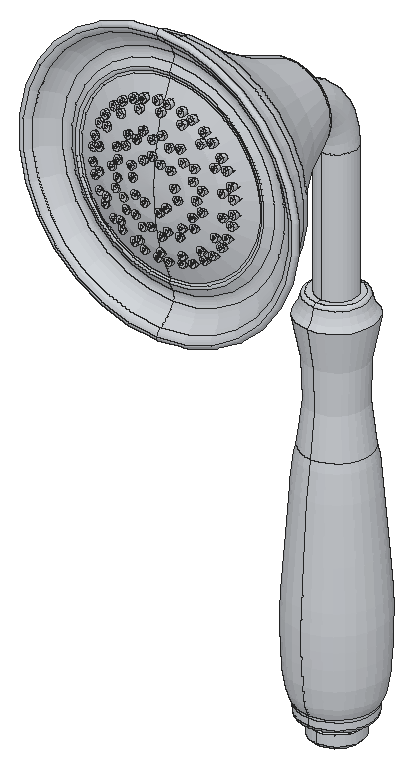
Revit family "Shower-Handshower-KOHLER-Forte-K-10298", category Plumbing Fixtures, host Face, Revit 2015
Parameters (values of type "CP-Polished Chrome")
  Width = 4 3/4"  # constant formula
  Waste Connection = no
  Vent Connection = no
  URL = "https://www.us.kohler.com/us/"
  Type = 1
  Product Page URL = "http://www.us.kohler.com/us/catalog/productDetails.jsp?productNumber=10298"
  Product Name = "Forté"  # constant formula
  Product Documentation Link = "http://www.us.kohler.com/onlinecatalog/pdf/K-10298_spec.pdf"
  Pressure = 0.00 psi
  Outlet Connector = "Outlet Connection"  # constant formula
  Model = if(Type = 1, "K-10298-CP", if(Type = 2, "K-10298-G", if(Type = 3, "K-10298-BN", if(Type = 4, "K-10298-2BZ", "0"))))  # "K-10298-CP"
  Material = "Premium metal construction"  # constant formula
  MasterFormat 2004 = "22.41.23"  # constant formula
  MasterFormat 1995 = "15410"  # constant formula
  Manufacturer Address = "444 Highland Dr, Kohler, WI 53044"  # constant formula
  Manufacturer = "KOHLER Co."  # constant formula
  Length = 4 173/256"  # constant formula
  Inlet Connector = "Inlet Connection"  # constant formula
  Height = 12"  # constant formula
  HW Connection = yes
  Flow Rate = 1.75 GPM
  Finish = Kohler-Metal-CP-Polished_Chrome
  Description = "Forté Multifunction Handshower\r"  # constant formula
  Default Elevation = 42"
  Date Modified = "10/09/2017"  # constant formula
  Date Created = "10/09/2017"  # constant formula
  Copyright = "Copyright KOHLER Company"  # constant formula
  Contact Us = "https://www.us.kohler.com/us/static/contact.jsp"
  CW Connection = no
  Assembly Code = "D2010700"
  ADA Compliant = yes
Reference planes (in)
  plane 1 "Center (Front/Back)": y = 0
  plane 2: z = 0
  plane 3 "Center (Left/Right)": x = 0
  plane 4: y = 0.75066
  plane 5: y = -3.92512
  plane 6: z = 12.35174
  plane 7: z = 0.35174
  plane 8: z = 7.60174
Dimensions and locks (in)
  "Length": plane 5 to plane 4
  "Height": plane 6 to plane 7
  "Width": plane 6 to plane 8
  aligned and locked: plane 2 to host face
  aligned and locked: level to host face
Automatic sketch dimensions
  host sketch curve to host sketch curve = 96"  (x2)
Nested families (in)
  nested 1: "K-10298" at (0, 0, 0), type "K-10298"
Connectors (in)
  piping at (0, 0, 0), diameter 0.5, driven by "Flow Rate", driven by "HW Connection", driven by "Inlet Connector"
    settings: on nested 1, index 1, connector inside diameter 24", connector length 0", flow factor 0, pipe flow 1.75 GPM, pressure drop 0.00 psi, fitting loss kfactor 0, connector angle 0.00°, fixture units 0, engagement length 0", angle of deflection 0.00°, flow configuration 0, flow direction 1, fitting loss method 0, system type 19, joint type 0, gender type 0, connector reference index -1, connector utility 1, adjustable connector no, is connector primary yes, connector description "Inlet Connection"
Definition of nested family "K-10298"
  Parameters (values of type "K-10298")
    Finish = none
  Reference planes (in)
    plane 1 "Center (Front/Back)": y = 0
    plane 2: z = 0
    plane 3 "Center (Left/Right)": x = 0
    plane 4: y = 0.74999
    plane 5: y = -4.00001
  Forms (in)
    Revolve 1, solid, material <- "Finish"
      sketch origin (0, 0, 0) x (0, 1, 0) y (0, 0, 1)
        loop
          line (0, 8.94431) -> (-0.31285, 8.94431) -> (-0.31285, 6.715) -> (-0.41469, 6.715)
          arc (-0.41469, 6.715) -> (-0.45357, 6.70033) -> (-0.47307, 6.66365) r 0.05885
          arc (-0.47307, 6.66365) -> (-0.515, 6.51352) -> (-0.598, 6.38159) r 0.5408
          arc (-0.598, 6.38159) -> (-0.44777, 5.39294) -> (-0.53395, 4.39666) r 4.22764
          spline (-0.53395, 4.39666) -> (-0.57227, 4.18885) -> (-0.60883, 3.88185) -> (-0.64435, 3.49697) -> (-0.67512, 3.08864) -> (-0.70391, 2.67817) -> (-0.72941, 2.31965) -> (-0.74659, 2.08113) -> (-0.75111, 1.84021) -> (-0.7466, 1.55111) -> (-0.73538, 1.26426) -> (-0.70285, 0.89244) -> (-0.59333, 0.55514)
          arc (-0.59333, 0.55514) -> (-0.58628, 0.53198) -> (-0.58368, 0.50792) r 0.12874
          line (-0.58368, 0.50792) -> (-0.5821, 0.38714)
          arc (-0.5821, 0.38714) -> (-0.57145, 0.36212) -> (-0.54629, 0.35179) r 0.03581
          line (-0.54629, 0.35179) -> (-0.38476, 0.35179)
          arc (-0.38476, 0.35179) -> (-0.36761, 0.34469) -> (-0.3605, 0.32754) r 0.02425
          line (-0.3605, 0.32754) -> (-0.3605, 0.27247) -> (-0.40942, 0.22355) -> (-0.40942, 0.04877) -> (-0.36065, 0) -> (0, 0) -> (0, 8.94431)
        axis (0, 8.94431) -> (0, 0)
      angle from 0 to 360
    Sweep 2, solid, material <- "Finish"
      path origin (0, 0, 0) x (0, 1, 0) y (0, 0, 1)
        loop
          arc (0, 8.94431) -> (-0.2947, 9.65579) -> (-1.00618, 9.95049) r 1.00618
      profile origin (0, 0, 8.94431) x (0, -1, 0) y (1, 0, 0)
        loop
          circle (0, 0) r 0.31285
    Revolve 3, solid, material <- "Finish"
      sketch origin (0, 0, 0) x (0, 1, 0) y (0, 0, 1)
        loop
          arc (-1.02046, 10.66924) -> (-2.08006, 11.1642) -> (-3.01202, 11.87073) r 5.53516
          arc (-3.01202, 11.87073) -> (-3.1063, 11.93705) -> (-3.21535, 11.97442) r 0.40878
          arc (-3.21535, 11.97442) -> (-3.48493, 12.08203) -> (-3.69489, 12.28245) r 0.76388
          arc (-3.69489, 12.28245) -> (-3.76023, 12.2973) -> (-3.78225, 12.23402) r 0.05025
          arc (-3.78225, 12.23402) -> (-3.75584, 12.17113) -> (-3.70284, 12.12819) r 0.13994
          arc (-3.70284, 12.12819) -> (-3.54673, 12.01058) -> (-3.45249, 11.83935) r 0.46658
          arc (-3.45249, 11.83935) -> (-3.43347, 11.75452) -> (-3.45249, 11.66968) r 0.19865
          arc (-3.45249, 11.66968) -> (-3.48228, 11.61157) -> (-3.51578, 11.55551) r 1.0065
          arc (-3.51578, 11.55551) -> (-3.51648, 11.52847) -> (-3.50481, 11.50408) r 0.05777
          arc (-3.50481, 11.50408) -> (-3.49661, 11.48441) -> (-3.50046, 11.46346) r 0.0375
          arc (-3.50046, 11.46346) -> (-3.7667, 10.73073) -> (-3.84951, 9.95555) r 3.22795
          line (-3.84951, 9.95555) -> (-0.94006, 9.95555) -> (-0.94006, 10.55658)
          arc (-0.94006, 10.55658) -> (-0.96222, 10.62578) -> (-1.02046, 10.66924) r 0.11913
        axis (-0.94006, 9.95555) -> (-3.84951, 9.95555)
      angle from 0 to 360
    Extrusion 4, solid, material <- "Finish"
      sketch origin (0, 0, 0) x (1, 0, 0) y (0, 0, 1)
        loop
          circle (-0.69062, 10.9381) r 0.06297
        loop
          circle (-0.69062, 10.9381) r 0.03119
      from 3.42192 to 3.66708
    Extrusion 5, solid, material <- "Finish"
      sketch origin (-0.14071, 0, -0.11807) x (1, 0, 0) y (0, 0, 1)
        loop
          circle (-0.69062, 10.9381) r 0.06297
        loop
          circle (-0.69062, 10.9381) r 0.03119
      from 3.42192 to 3.66708
    Extrusion 6, solid, material <- "Finish"
      sketch origin (0.01345, 0, -0.15651) x (1, 0, 0) y (0, 0, 1)
        loop
          circle (-0.69062, 10.9381) r 0.06297
        loop
          circle (-0.69062, 10.9381) r 0.03119
      from 3.42192 to 3.7172
    Extrusion 7, solid, not visible
      sketch origin (0, 0, 0) x (1, 0, 0) y (0, 0, 1)
        loop
          circle (-0.69062, 10.9381) r 0.06297
        loop
          circle (-0.69062, 10.9381) r 0.03119
      from 3.42192 to 3.66708
    Extrusion 8, solid, not visible
      sketch origin (-0.14071, 0, -0.11807) x (1, 0, 0) y (0, 0, 1)
        loop
          circle (-0.69062, 10.9381) r 0.06297
        loop
          circle (-0.69062, 10.9381) r 0.03119
      from 3.42192 to 3.66708
    Extrusion 9, solid, not visible
      sketch origin (0.01345, 0, -0.15651) x (1, 0, 0) y (0, 0, 1)
        loop
          circle (-0.69062, 10.9381) r 0.06297
        loop
          circle (-0.69062, 10.9381) r 0.03119
      from 3.42192 to 3.7172
    Extrusion 10, solid, material <- "Finish"
      sketch origin (-3.31291, 0, 0.56594) x (0.94329, 0, -0.331969) y (0.331969, 0, 0.94329)
        loop
          circle (-0.69062, 10.9381) r 0.06297
        loop
          circle (-0.69062, 10.9381) r 0.03119
      from 3.42192 to 3.66708
    Extrusion 11, solid, material <- "Finish"
      sketch origin (-3.48484, 0, 0.50128) x (0.94329, 0, -0.331969) y (0.331969, 0, 0.94329)
        loop
          circle (-0.69062, 10.9381) r 0.06297
        loop
          circle (-0.69062, 10.9381) r 0.03119
      from 3.42192 to 3.66708
    Extrusion 12, solid, material <- "Finish"
      sketch origin (-3.35218, 0, 0.41384) x (0.94329, 0, -0.331969) y (0.331969, 0, 0.94329)
        loop
          circle (-0.69062, 10.9381) r 0.06297
        loop
          circle (-0.69062, 10.9381) r 0.03119
      from 3.42192 to 3.7172
    Extrusion 13, solid, material <- "Finish"
      sketch origin (3.43537, 0, 0.60993) x (0.938882, 0, 0.344239) y (-0.344239, 0, 0.938882)
        loop
          circle (-0.69062, 10.9381) r 0.06297
        loop
          circle (-0.69062, 10.9381) r 0.03119
      from 3.42192 to 3.66708
    Extrusion 14, solid, material <- "Finish"
      sketch origin (3.3439, 0, 0.45064) x (0.938882, 0, 0.344239) y (-0.344239, 0, 0.938882)
        loop
          circle (-0.69062, 10.9381) r 0.06297
        loop
          circle (-0.69062, 10.9381) r 0.03119
      from 3.42192 to 3.66708
    Extrusion 15, solid, material <- "Finish"
      sketch origin (3.50187, 0, 0.46762) x (0.938882, 0, 0.344239) y (-0.344239, 0, 0.938882)
        loop
          circle (-0.69062, 10.9381) r 0.06297
        loop
          circle (-0.69062, 10.9381) r 0.03119
      from 3.42192 to 3.7172
    Extrusion 16, solid, material <- "Finish"
      sketch origin (6.42436, 0, 2.34285) x (0.765236, 0, 0.643749) y (-0.643749, 0, 0.765236)
        loop
          circle (-0.69062, 10.9381) r 0.06297
        loop
          circle (-0.69062, 10.9381) r 0.03119
      from 3.42192 to 3.66708
    Extrusion 17, solid, material <- "Finish"
      sketch origin (6.39269, 0, 2.16191) x (0.765236, 0, 0.643749) y (-0.643749, 0, 0.765236)
        loop
          circle (-0.69062, 10.9381) r 0.06297
        loop
          circle (-0.69062, 10.9381) r 0.03119
      from 3.42192 to 3.66708
    Extrusion 18, solid, material <- "Finish"
      sketch origin (6.53541, 0, 2.23174) x (0.765236, 0, 0.643749) y (-0.643749, 0, 0.765236)
        loop
          circle (-0.69062, 10.9381) r 0.06297
        loop
          circle (-0.69062, 10.9381) r 0.03119
      from 3.42192 to 3.7172
    Extrusion 19, solid, material <- "Finish"
      sketch origin (8.65197, 0, 5.00609) x (0.498368, 0, 0.866966) y (-0.866966, 0, 0.498368)
        loop
          circle (-0.69062, 10.9381) r 0.06297
        loop
          circle (-0.69062, 10.9381) r 0.03119
      from 3.42192 to 3.66708
    Extrusion 20, solid, material <- "Finish"
      sketch origin (8.68421, 0, 4.82526) x (0.498368, 0, 0.866966) y (-0.866966, 0, 0.498368)
        loop
          circle (-0.69062, 10.9381) r 0.06297
        loop
          circle (-0.69062, 10.9381) r 0.03119
      from 3.42192 to 3.66708
    Extrusion 21, solid, material <- "Finish"
      sketch origin (8.79436, 0, 4.93976) x (0.498368, 0, 0.866966) y (-0.866966, 0, 0.498368)
        loop
          circle (-0.69062, 10.9381) r 0.06297
        loop
          circle (-0.69062, 10.9381) r 0.03119
      from 3.42192 to 3.7172
    Extrusion 22, solid, material <- "Finish"
      sketch origin (9.83231, 0, 8.27136) x (0.171174, 0, 0.985241) y (-0.985241, 0, 0.171174)
        loop
          circle (-0.69062, 10.9381) r 0.06297
        loop
          circle (-0.69062, 10.9381) r 0.03119
      from 3.42192 to 3.66708
    Extrusion 23, solid, material <- "Finish"
      sketch origin (9.92455, 0, 8.11251) x (0.171174, 0, 0.985241) y (-0.985241, 0, 0.171174)
        loop
          circle (-0.69062, 10.9381) r 0.06297
        loop
          circle (-0.69062, 10.9381) r 0.03119
      from 3.42192 to 3.66708
    Extrusion 24, solid, material <- "Finish"
      sketch origin (9.98881, 0, 8.25782) x (0.171174, 0, 0.985241) y (-0.985241, 0, 0.171174)
        loop
          circle (-0.69062, 10.9381) r 0.06297
        loop
          circle (-0.69062, 10.9381) r 0.03119
      from 3.42192 to 3.7172
    Extrusion 25, solid, material <- "Finish"
      sketch origin (9.8225, 0, 11.74339) x (-0.17674, 0, 0.984258) y (-0.984258, 0, -0.17674)
        loop
          circle (-0.69062, 10.9381) r 0.06297
        loop
          circle (-0.69062, 10.9381) r 0.03119
      from 3.42192 to 3.66708
    Extrusion 26, solid, material <- "Finish"
      sketch origin (9.96358, 0, 11.62576) x (-0.17674, 0, 0.984258) y (-0.984258, 0, -0.17674)
        loop
          circle (-0.69062, 10.9381) r 0.06297
        loop
          circle (-0.69062, 10.9381) r 0.03119
      from 3.42192 to 3.66708
    Extrusion 27, solid, material <- "Finish"
      sketch origin (9.97416, 0, 11.78429) x (-0.17674, 0, 0.984258) y (-0.984258, 0, -0.17674)
        loop
          circle (-0.69062, 10.9381) r 0.06297
        loop
          circle (-0.69062, 10.9381) r 0.03119
      from 3.42192 to 3.7172
    Extrusion 28, solid, material <- "Finish"
      sketch origin (8.62372, 0, 15.00193) x (-0.50326, 0, 0.864135) y (-0.864135, 0, -0.50326)
        loop
          circle (-0.69062, 10.9381) r 0.06297
        loop
          circle (-0.69062, 10.9381) r 0.03119
      from 3.42192 to 3.66708
    Extrusion 29, solid, material <- "Finish"
      sketch origin (8.79657, 0, 14.93976) x (-0.50326, 0, 0.864135) y (-0.864135, 0, -0.50326)
        loop
          circle (-0.69062, 10.9381) r 0.06297
        loop
          circle (-0.69062, 10.9381) r 0.03119
      from 3.42192 to 3.66708
    Extrusion 30, solid, material <- "Finish"
      sketch origin (8.7522, 0, 15.09232) x (-0.50326, 0, 0.864135) y (-0.864135, 0, -0.50326)
        loop
          circle (-0.69062, 10.9381) r 0.06297
        loop
          circle (-0.69062, 10.9381) r 0.03119
      from 3.42192 to 3.7172
    Extrusion 31, solid, material <- "Finish"
      sketch origin (6.3811, 0, 17.65254) x (-0.768863, 0, 0.639414) y (-0.639414, 0, -0.768863)
        loop
          circle (-0.69062, 10.9381) r 0.06297
        loop
          circle (-0.69062, 10.9381) r 0.03119
      from 3.42192 to 3.66708
    Extrusion 32, solid, material <- "Finish"
      sketch origin (6.56478, 0, 17.65335) x (-0.768863, 0, 0.639414) y (-0.639414, 0, -0.768863)
        loop
          circle (-0.69062, 10.9381) r 0.06297
        loop
          circle (-0.69062, 10.9381) r 0.03119
      from 3.42192 to 3.66708
    Extrusion 33, solid, material <- "Finish"
      sketch origin (6.47082, 0, 17.78148) x (-0.768863, 0, 0.639414) y (-0.639414, 0, -0.768863)
        loop
          circle (-0.69062, 10.9381) r 0.06297
        loop
          circle (-0.69062, 10.9381) r 0.03119
      from 3.42192 to 3.7172
    Extrusion 34, solid, material <- "Finish"
      sketch origin (3.36607, 0, 19.37439) x (-0.941399, 0, 0.337295) y (-0.337295, 0, -0.941399)
        loop
          circle (-0.69062, 10.9381) r 0.06297
        loop
          circle (-0.69062, 10.9381) r 0.03119
      from 3.42192 to 3.66708
    Extrusion 35, solid, material <- "Finish"
      sketch origin (3.53836, 0, 19.43808) x (-0.941399, 0, 0.337295) y (-0.337295, 0, -0.941399)
        loop
          circle (-0.69062, 10.9381) r 0.06297
        loop
          circle (-0.69062, 10.9381) r 0.03119
      from 3.42192 to 3.66708
    Extrusion 36, solid, material <- "Finish"
      sketch origin (3.40619, 0, 19.52626) x (-0.941399, 0, 0.337295) y (-0.337295, 0, -0.941399)
        loop
          circle (-0.69062, 10.9381) r 0.06297
        loop
          circle (-0.69062, 10.9381) r 0.03119
      from 3.42192 to 3.7172
    Extrusion 37, solid, material <- "Finish"
      sketch origin (-0.05641, 0, 19.95904) x (-0.999984, 0, -0.005652) y (0.005652, 0, -0.999984)
        loop
          circle (-0.69062, 10.9381) r 0.06297
        loop
          circle (-0.69062, 10.9381) r 0.03119
      from 3.42192 to 3.66708
    Extrusion 38, solid, material <- "Finish"
      sketch origin (0.08364, 0, 20.07791) x (-0.999984, 0, -0.005652) y (0.005652, 0, -0.999984)
        loop
          circle (-0.69062, 10.9381) r 0.06297
        loop
          circle (-0.69062, 10.9381) r 0.03119
      from 3.42192 to 3.66708
    Extrusion 39, solid, material <- "Finish"
      sketch origin (-0.07074, 0, 20.11547) x (-0.999984, 0, -0.005652) y (0.005652, 0, -0.999984)
        loop
          circle (-0.69062, 10.9381) r 0.06297
        loop
          circle (-0.69062, 10.9381) r 0.03119
      from 3.42192 to 3.7172
    Extrusion 40, solid, material <- "Finish"
      sketch origin (-3.47205, 0, 19.33574) x (-0.937526, 0, -0.347915) y (0.347915, 0, -0.937526)
        loop
          circle (-0.69062, 10.9381) r 0.06297
        loop
          circle (-0.69062, 10.9381) r 0.03119
      from 3.42192 to 3.66708
    Extrusion 41, solid, material <- "Finish"
      sketch origin (-3.38121, 0, 19.49539) x (-0.937526, 0, -0.347915) y (0.347915, 0, -0.937526)
        loop
          circle (-0.69062, 10.9381) r 0.06297
        loop
          circle (-0.69062, 10.9381) r 0.03119
      from 3.42192 to 3.66708
    Extrusion 42, solid, material <- "Finish"
      sketch origin (-3.53911, 0, 19.47779) x (-0.937526, 0, -0.347915) y (0.347915, 0, -0.937526)
        loop
          circle (-0.69062, 10.9381) r 0.06297
        loop
          circle (-0.69062, 10.9381) r 0.03119
      from 3.42192 to 3.7172
    Extrusion 43, solid, material <- "Finish"
      sketch origin (-6.46742, 0, 17.57992) x (-0.761586, 0, -0.648064) y (0.648064, 0, -0.761586)
        loop
          circle (-0.69062, 10.9381) r 0.06297
        loop
          circle (-0.69062, 10.9381) r 0.03119
      from 3.42192 to 3.66708
    Extrusion 44, solid, material <- "Finish"
      sketch origin (-6.43678, 0, 17.76103) x (-0.761586, 0, -0.648064) y (0.648064, 0, -0.761586)
        loop
          circle (-0.69062, 10.9381) r 0.06297
        loop
          circle (-0.69062, 10.9381) r 0.03119
      from 3.42192 to 3.66708
    Extrusion 45, solid, material <- "Finish"
      sketch origin (-6.57909, 0, 17.6904) x (-0.761586, 0, -0.648064) y (0.648064, 0, -0.761586)
        loop
          circle (-0.69062, 10.9381) r 0.06297
        loop
          circle (-0.69062, 10.9381) r 0.03119
      from 3.42192 to 3.7172
    Extrusion 46, solid, material <- "Finish"
      sketch origin (-8.67995, 0, 14.90413) x (-0.493459, 0, -0.869769) y (0.869769, 0, -0.493459)
        loop
          circle (-0.69062, 10.9381) r 0.06297
        loop
          circle (-0.69062, 10.9381) r 0.03119
      from 3.42192 to 3.66708
    Extrusion 47, solid, material <- "Finish"
      sketch origin (-8.7132, 0, 15.08478) x (-0.493459, 0, -0.869769) y (0.869769, 0, -0.493459)
        loop
          circle (-0.69062, 10.9381) r 0.06297
        loop
          circle (-0.69062, 10.9381) r 0.03119
      from 3.42192 to 3.66708
    Extrusion 48, solid, material <- "Finish"
      sketch origin (-8.82271, 0, 14.96966) x (-0.493459, 0, -0.869769) y (0.869769, 0, -0.493459)
        loop
          circle (-0.69062, 10.9381) r 0.06297
        loop
          circle (-0.69062, 10.9381) r 0.03119
      from 3.42192 to 3.7172
    Extrusion 49, solid, material <- "Finish"
      sketch origin (-9.84181, 0, 11.63225) x (-0.165602, 0, -0.986193) y (0.986193, 0, -0.165602)
        loop
          circle (-0.69062, 10.9381) r 0.06297
        loop
          circle (-0.69062, 10.9381) r 0.03119
      from 3.42192 to 3.66708
    Extrusion 50, solid, material <- "Finish"
      sketch origin (-9.93495, 0, 11.79057) x (-0.165602, 0, -0.986193) y (0.986193, 0, -0.165602)
        loop
          circle (-0.69062, 10.9381) r 0.06297
        loop
          circle (-0.69062, 10.9381) r 0.03119
      from 3.42192 to 3.66708
    Extrusion 51, solid, material <- "Finish"
      sketch origin (-9.99838, 0, 11.6449) x (-0.165602, 0, -0.986193) y (0.986193, 0, -0.165602)
        loop
          circle (-0.69062, 10.9381) r 0.06297
        loop
          circle (-0.69062, 10.9381) r 0.03119
      from 3.42192 to 3.7172
    Extrusion 52, solid, material <- "Finish"
      sketch origin (-9.81237, 0, 8.16032) x (0.1823, 0, -0.983243) y (0.983243, 0, 0.1823)
        loop
          circle (-0.69062, 10.9381) r 0.06297
        loop
          circle (-0.69062, 10.9381) r 0.03119
      from 3.42192 to 3.66708
    Extrusion 53, solid, material <- "Finish"
      sketch origin (-9.95412, 0, 8.27715) x (0.1823, 0, -0.983243) y (0.983243, 0, 0.1823)
        loop
          circle (-0.69062, 10.9381) r 0.06297
        loop
          circle (-0.69062, 10.9381) r 0.03119
      from 3.42192 to 3.66708
    Extrusion 54, solid, material <- "Finish"
      sketch origin (-9.9638, 0, 8.11856) x (0.1823, 0, -0.983243) y (0.983243, 0, 0.1823)
        loop
          circle (-0.69062, 10.9381) r 0.06297
        loop
          circle (-0.69062, 10.9381) r 0.03119
      from 3.42192 to 3.7172
    Extrusion 55, solid, material <- "Finish"
      sketch origin (-8.5952, 0, 4.90861) x (0.508136, 0, -0.861277) y (0.861277, 0, 0.508136)
        loop
          circle (-0.69062, 10.9381) r 0.06297
        loop
          circle (-0.69062, 10.9381) r 0.03119
      from 3.42192 to 3.66708
    Extrusion 56, solid, material <- "Finish"
      sketch origin (-8.76839, 0, 4.9698) x (0.508136, 0, -0.861277) y (0.861277, 0, 0.508136)
        loop
          circle (-0.69062, 10.9381) r 0.06297
        loop
          circle (-0.69062, 10.9381) r 0.03119
      from 3.42192 to 3.66708
    Extrusion 57, solid, material <- "Finish"
      sketch origin (-8.72316, 0, 4.8175) x (0.508136, 0, -0.861277) y (0.861277, 0, 0.508136)
        loop
          circle (-0.69062, 10.9381) r 0.06297
        loop
          circle (-0.69062, 10.9381) r 0.03119
      from 3.42192 to 3.7172
    Extrusion 58, solid, material <- "Finish"
      sketch origin (-6.33763, 0, 2.27071) x (0.772464, 0, -0.635058) y (0.635058, 0, 0.772464)
        loop
          circle (-0.69062, 10.9381) r 0.06297
        loop
          circle (-0.69062, 10.9381) r 0.03119
      from 3.42192 to 3.66708
    Extrusion 59, solid, material <- "Finish"
      sketch origin (-6.5213, 0, 2.26887) x (0.772464, 0, -0.635058) y (0.635058, 0, 0.772464)
        loop
          circle (-0.69062, 10.9381) r 0.06297
        loop
          circle (-0.69062, 10.9381) r 0.03119
      from 3.42192 to 3.66708
    Extrusion 60, solid, material <- "Finish"
      sketch origin (-6.42662, 0, 2.14127) x (0.772464, 0, -0.635058) y (0.635058, 0, 0.772464)
        loop
          circle (-0.69062, 10.9381) r 0.06297
        loop
          circle (-0.69062, 10.9381) r 0.03119
      from 3.42192 to 3.7172
    Extrusion 61, solid, material <- "Finish"
      sketch origin (0, 0, 0) x (1, 0, 0) y (0, 0, 1)
        loop
          circle (-0.49319, 10.56227) r 0.0618
        loop
          circle (-0.49319, 10.56227) r 0.03119
      from 3.28587 to 3.78893
    Extrusion 62, solid, material <- "Finish"
      sketch origin (-0.02686, 0, -0.1696) x (1, 0, 0) y (0, 0, 1)
        loop
          circle (-0.49319, 10.56227) r 0.0618
        loop
          circle (-0.49319, 10.56227) r 0.03119
      from 3.42192 to 3.80812
    Extrusion 63, solid, material <- "Finish"
      sketch origin (-3.61329, 0, 0.6771) x (0.932152, 0, -0.362067) y (0.362067, 0, 0.932152)
        loop
          circle (-0.49319, 10.56227) r 0.0618
        loop
          circle (-0.49319, 10.56227) r 0.03119
      from 3.28587 to 3.78893
    Extrusion 64, solid, material <- "Finish"
      sketch origin (-3.69974, 0, 0.52873) x (0.932152, 0, -0.362067) y (0.362067, 0, 0.932152)
        loop
          circle (-0.49319, 10.56227) r 0.0618
        loop
          circle (-0.49319, 10.56227) r 0.03119
      from 3.42192 to 3.80812
    Extrusion 65, solid, material <- "Finish"
      sketch origin (4.09056, 0, 0.87687) x (0.912134, 0, 0.409892) y (-0.409892, 0, 0.912134)
        loop
          circle (-0.49319, 10.56227) r 0.0618
        loop
          circle (-0.49319, 10.56227) r 0.03119
      from 3.28587 to 3.78893
    Extrusion 66, solid, material <- "Finish"
      sketch origin (4.13558, 0, 0.71116) x (0.912134, 0, 0.409892) y (-0.409892, 0, 0.912134)
        loop
          circle (-0.49319, 10.56227) r 0.0618
        loop
          circle (-0.49319, 10.56227) r 0.03119
      from 3.42192 to 3.80812
    Extrusion 67, solid, material <- "Finish"
      sketch origin (7.46228, 0, 3.35338) x (0.663977, 0, 0.747753) y (-0.747753, 0, 0.663977)
        loop
          circle (-0.49319, 10.56227) r 0.0618
        loop
          circle (-0.49319, 10.56227) r 0.03119
      from 3.28587 to 3.78893
    Extrusion 68, solid, material <- "Finish"
      sketch origin (7.57126, 0, 3.22068) x (0.663977, 0, 0.747753) y (-0.747753, 0, 0.663977)
        loop
          circle (-0.49319, 10.56227) r 0.0618
        loop
          circle (-0.49319, 10.56227) r 0.03119
      from 3.42192 to 3.80812
    Extrusion 69, solid, material <- "Finish"
      sketch origin (9.52263, 0, 6.99432) x (0.299138, 0, 0.95421) y (-0.95421, 0, 0.299138)
        loop
          circle (-0.49319, 10.56227) r 0.0618
        loop
          circle (-0.49319, 10.56227) r 0.03119
      from 3.28587 to 3.78893
    Extrusion 70, solid, material <- "Finish"
      sketch origin (9.67643, 0, 6.91796) x (0.299138, 0, 0.95421) y (-0.95421, 0, 0.299138)
        loop
          circle (-0.49319, 10.56227) r 0.0618
        loop
          circle (-0.49319, 10.56227) r 0.03119
      from 3.42192 to 3.80812
    Extrusion 71, solid, material <- "Finish"
      sketch origin (9.90956, 0, 11.15988) x (-0.118269, 0, 0.992982) y (-0.992982, 0, -0.118269)
        loop
          circle (-0.49319, 10.56227) r 0.0618
        loop
          circle (-0.49319, 10.56227) r 0.03119
      from 3.28587 to 3.78893
    Extrusion 72, solid, material <- "Finish"
      sketch origin (10.08115, 0, 11.15327) x (-0.118269, 0, 0.992982) y (-0.992982, 0, -0.118269)
        loop
          circle (-0.49319, 10.56227) r 0.0618
        loop
          circle (-0.49319, 10.56227) r 0.03119
      from 3.42192 to 3.80812
    Extrusion 73, solid, material <- "Finish"
      sketch origin (8.55506, 0, 15.11802) x (-0.514893, 0, 0.857255) y (-0.857255, 0, -0.514893)
        loop
          circle (-0.49319, 10.56227) r 0.0618
        loop
          circle (-0.49319, 10.56227) r 0.03119
      from 3.28587 to 3.78893
    Extrusion 74, solid, material <- "Finish"
      sketch origin (8.71428, 0, 15.18232) x (-0.514893, 0, 0.857255) y (-0.857255, 0, -0.514893)
        loop
          circle (-0.49319, 10.56227) r 0.0618
        loop
          circle (-0.49319, 10.56227) r 0.03119
      from 3.42192 to 3.80812
    Extrusion 75, solid, material <- "Finish"
      sketch origin (5.69716, 0, 18.17318) x (-0.821033, 0, 0.570881) y (-0.570881, 0, -0.821033)
        loop
          circle (-0.49319, 10.56227) r 0.0618
        loop
          circle (-0.49319, 10.56227) r 0.03119
      from 3.28587 to 3.78893
    Extrusion 76, solid, material <- "Finish"
      sketch origin (5.81604, 0, 18.2971) x (-0.821033, 0, 0.570881) y (-0.570881, 0, -0.821033)
        loop
          circle (-0.49319, 10.56227) r 0.0618
        loop
          circle (-0.49319, 10.56227) r 0.03119
      from 3.42192 to 3.80812
    Extrusion 77, solid, material <- "Finish"
      sketch origin (1.83809, 0, 19.78847) x (-0.982892, 0, 0.184185) y (-0.184185, 0, -0.982892)
        loop
          circle (-0.49319, 10.56227) r 0.0618
        loop
          circle (-0.49319, 10.56227) r 0.03119
      from 3.28587 to 3.78893
    Extrusion 78, solid, material <- "Finish"
      sketch origin (1.89573, 0, 19.95022) x (-0.982892, 0, 0.184185) y (-0.184185, 0, -0.982892)
        loop
          circle (-0.49319, 10.56227) r 0.0618
        loop
          circle (-0.49319, 10.56227) r 0.03119
      from 3.42192 to 3.80812
    Extrusion 79, solid, material <- "Finish"
      sketch origin (-2.34399, 0, 19.68002) x (-0.972025, 0, -0.234878) y (0.234878, 0, -0.972025)
        loop
          circle (-0.49319, 10.56227) r 0.0618
        loop
          circle (-0.49319, 10.56227) r 0.03119
      from 3.28587 to 3.78893
    Extrusion 80, solid, material <- "Finish"
      sketch origin (-2.35772, 0, 19.85119) x (-0.972025, 0, -0.234878) y (0.234878, 0, -0.972025)
        loop
          circle (-0.49319, 10.56227) r 0.0618
        loop
          circle (-0.49319, 10.56227) r 0.03119
      from 3.42192 to 3.80812
    Extrusion 81, solid, material <- "Finish"
      sketch origin (-6.11416, 0, 17.8669) x (-0.790342, 0, -0.612666) y (0.612666, 0, -0.790342)
        loop
          circle (-0.49319, 10.56227) r 0.0618
        loop
          circle (-0.49319, 10.56227) r 0.03119
      from 3.28587 to 3.78893
    Extrusion 82, solid, material <- "Finish"
      sketch origin (-6.19684, 0, 18.0174) x (-0.790342, 0, -0.612666) y (0.612666, 0, -0.790342)
        loop
          circle (-0.49319, 10.56227) r 0.0618
        loop
          circle (-0.49319, 10.56227) r 0.03119
      from 3.42192 to 3.80812
    Extrusion 83, solid, material <- "Finish"
      sketch origin (-8.80987, 0, 14.66773) x (-0.469771, 0, -0.882788) y (0.882788, 0, -0.469771)
        loop
          circle (-0.49319, 10.56227) r 0.0618
        loop
          circle (-0.49319, 10.56227) r 0.03119
      from 3.28587 to 3.78893
    Extrusion 84, solid, material <- "Finish"
      sketch origin (-8.94698, 0, 14.77112) x (-0.469771, 0, -0.882788) y (0.882788, 0, -0.469771)
        loop
          circle (-0.49319, 10.56227) r 0.0618
        loop
          circle (-0.49319, 10.56227) r 0.03119
      from 3.42192 to 3.80812
    Extrusion 85, solid, material <- "Finish"
      sketch origin (-9.95741, 0, 10.6447) x (-0.066646, 0, -0.997777) y (0.997777, 0, -0.066646)
        loop
          circle (-0.49319, 10.56227) r 0.0618
        loop
          circle (-0.49319, 10.56227) r 0.03119
      from 3.28587 to 3.78893
    Extrusion 86, solid, material <- "Finish"
      sketch origin (-10.12485, 0, 10.68281) x (-0.066646, 0, -0.997777) y (0.997777, 0, -0.066646)
        loop
          circle (-0.49319, 10.56227) r 0.0618
        loop
          circle (-0.49319, 10.56227) r 0.03119
      from 3.42192 to 3.80812
    Extrusion 87, solid, material <- "Finish"
      sketch origin (-9.35512, 0, 6.5048) x (0.34819, 0, -0.937424) y (0.937424, 0, 0.34819)
        loop
          circle (-0.49319, 10.56227) r 0.0618
        loop
          circle (-0.49319, 10.56227) r 0.03119
      from 3.28587 to 3.78893
    Extrusion 88, solid, material <- "Finish"
      sketch origin (-9.52346, 0, 6.47093) x (0.34819, 0, -0.937424) y (0.937424, 0, 0.34819)
        loop
          circle (-0.49319, 10.56227) r 0.0618
        loop
          circle (-0.49319, 10.56227) r 0.03119
      from 3.42192 to 3.80812
    Extrusion 89, solid, material <- "Finish"
      sketch origin (-7.10883, 0, 2.97553) x (0.701839, 0, -0.712336) y (0.712336, 0, 0.701839)
        loop
          circle (-0.49319, 10.56227) r 0.0618
        loop
          circle (-0.49319, 10.56227) r 0.03119
      from 3.28587 to 3.78893
    Extrusion 90, solid, material <- "Finish"
      sketch origin (-7.24849, 0, 2.87563) x (0.701839, 0, -0.712336) y (0.712336, 0, 0.701839)
        loop
          circle (-0.49319, 10.56227) r 0.0618
        loop
          circle (-0.49319, 10.56227) r 0.03119
      from 3.42192 to 3.80812
    Extrusion 91, solid, material <- "Finish"
      sketch origin (-3.41153, 0, 0.39219) x (0.932152, 0, -0.362067) y (0.362067, 0, 0.932152)
        loop
          circle (-0.49319, 10.56227) r 0.0618
        loop
          circle (-0.49319, 10.56227) r 0.03119
      from 3.28587 to 3.85013
    Extrusion 92, solid, material <- "Finish"
      sketch origin (-3.55212, 0, 0.28849) x (0.932152, 0, -0.362067) y (0.362067, 0, 0.932152)
        loop
          circle (-0.49319, 10.56227) r 0.0618
        loop
          circle (-0.49319, 10.56227) r 0.03119
      from 3.42192 to 3.85772
    Extrusion 93, solid, material <- "Finish"
      sketch origin (-9.40507, 0, 6.03784) x (0.360912, 0, -0.9326) y (0.9326, 0, 0.360912)
        loop
          circle (-0.49319, 10.56227) r 0.0618
        loop
          circle (-0.49319, 10.56227) r 0.03119
      from 3.28587 to 3.85013
    Extrusion 94, solid, material <- "Finish"
      sketch origin (-9.57644, 0, 6.07178) x (0.360912, 0, -0.9326) y (0.9326, 0, 0.360912)
        loop
          circle (-0.49319, 10.56227) r 0.0618
        loop
          circle (-0.49319, 10.56227) r 0.03119
      from 3.42192 to 3.85772
    Extrusion 95, solid, material <- "Finish"
      sketch origin (6.94437, 0, 2.54786) x (0.751846, 0, 0.659339) y (-0.659339, 0, 0.751846)
        loop
          circle (-0.49319, 10.56227) r 0.0618
        loop
          circle (-0.49319, 10.56227) r 0.03119
      from 3.28587 to 3.85013
    Extrusion 96, solid, material <- "Finish"
      sketch origin (6.97137, 0, 2.37526) x (0.751846, 0, 0.659339) y (-0.659339, 0, 0.751846)
        loop
          circle (-0.49319, 10.56227) r 0.0618
        loop
          circle (-0.49319, 10.56227) r 0.03119
      from 3.42192 to 3.85772
    Extrusion 97, solid, material <- "Finish"
      sketch origin (9.81824, 0, 12.72786) x (-0.237282, 0, 0.971441) y (-0.971441, 0, -0.237282)
        loop
          circle (-0.49319, 10.56227) r 0.0618
        loop
          circle (-0.49319, 10.56227) r 0.03119
      from 3.28587 to 3.85013
    Extrusion 98, solid, material <- "Finish"
      sketch origin (9.98378, 0, 12.67204) x (-0.237282, 0, 0.971441) y (-0.971441, 0, -0.237282)
        loop
          circle (-0.49319, 10.56227) r 0.0618
        loop
          circle (-0.49319, 10.56227) r 0.03119
      from 3.42192 to 3.85772
    Extrusion 99, solid, material <- "Finish"
      sketch origin (2.11843, 0, 19.98075) x (-0.971146, 0, 0.238485) y (-0.238485, 0, -0.971146)
        loop
          circle (-0.49319, 10.56227) r 0.0618
        loop
          circle (-0.49319, 10.56227) r 0.03119
      from 3.28587 to 3.85013
    Extrusion 100, solid, material <- "Finish"
      sketch origin (2.24442, 0, 20.10176) x (-0.971146, 0, 0.238485) y (-0.238485, 0, -0.971146)
        loop
          circle (-0.49319, 10.56227) r 0.0618
        loop
          circle (-0.49319, 10.56227) r 0.03119
      from 3.42192 to 3.85772
    Extrusion 101, solid, material <- "Finish"
      sketch origin (-7.87176, 0, 16.50401) x (-0.66027, 0, -0.751028) y (0.751028, 0, -0.66027)
        loop
          circle (-0.49319, 10.56227) r 0.0618
        loop
          circle (-0.49319, 10.56227) r 0.03119
      from 3.28587 to 3.85013
    Extrusion 102, solid, material <- "Finish"
      sketch origin (-7.92086, 0, 16.67166) x (-0.66027, 0, -0.751028) y (0.751028, 0, -0.66027)
        loop
          circle (-0.49319, 10.56227) r 0.0618
        loop
          circle (-0.49319, 10.56227) r 0.03119
      from 3.42192 to 3.85772
  Lines and regions (in)
    Masking region 1
      outline origin (0, 0, 0) x (1, 0, 0) y (0, 0, 1)
        loop
          arc (0.3115, 7.62251) -> (-0.02131, 12.28858) -> (-0.3115, 7.61967) r 2.34416
          line (-0.3115, 7.61967) -> (-0.3115, 6.71446) -> (-0.42505, 6.71446)
          arc (-0.42505, 6.71446) -> (-0.4525, 6.70424) -> (-0.47077, 6.68134) r 0.0548
          arc (-0.47077, 6.68134) -> (-0.51259, 6.52222) -> (-0.598, 6.38159) r 0.57163
          arc (-0.598, 6.38159) -> (-0.46551, 5.64694) -> (-0.45663, 4.90049) r 4.48764
          arc (-0.45663, 4.90049) -> (-0.49802, 4.5656) -> (-0.57367, 4.23675) r 3.27258
          line (-0.57367, 4.23675) -> (-0.73185, 2.24301)
          arc (-0.73185, 2.24301) -> (-0.74751, 1.53534) -> (-0.68252, 0.83048) r 6.20831
          arc (-0.68252, 0.83048) -> (-0.64926, 0.68914) -> (-0.59333, 0.55514) r 0.88484
          arc (-0.59333, 0.55514) -> (-0.58606, 0.53538) -> (-0.58393, 0.51444) r 0.08421
          line (-0.58393, 0.51444) -> (-0.58166, 0.38436)
          arc (-0.58166, 0.38436) -> (-0.57174, 0.36126) -> (-0.54847, 0.35174) r 0.0332
          line (-0.54847, 0.35174) -> (-0.385, 0.35174)
          arc (-0.385, 0.35174) -> (-0.3676, 0.34453) -> (-0.36039, 0.32713) r 0.02461
          line (-0.36039, 0.32713) -> (-0.36039, 0.27247) -> (-0.40931, 0.22355) -> (-0.40931, 0.04877) -> (-0.36054, 0) -> (0.36054, 0) -> (0.40931, 0.04877) -> (0.40931, 0.22355) -> (0.36039, 0.27247) -> (0.36039, 0.32713)
          arc (0.36039, 0.32713) -> (0.3676, 0.34453) -> (0.385, 0.35174) r 0.02461
          line (0.385, 0.35174) -> (0.54847, 0.35174)
          arc (0.54847, 0.35174) -> (0.57174, 0.36126) -> (0.58166, 0.38436) r 0.0332
          line (0.58166, 0.38436) -> (0.58393, 0.51444)
          arc (0.58393, 0.51444) -> (0.58606, 0.53538) -> (0.59333, 0.55514) r 0.08421
          arc (0.59333, 0.55514) -> (0.64926, 0.68914) -> (0.68252, 0.83048) r 0.88484
          arc (0.68252, 0.83048) -> (0.74751, 1.53534) -> (0.73185, 2.24301) r 6.20831
          line (0.73185, 2.24301) -> (0.57367, 4.23675)
          arc (0.57367, 4.23675) -> (0.49802, 4.5656) -> (0.45663, 4.90049) r 3.27258
          arc (0.45663, 4.90049) -> (0.46551, 5.64694) -> (0.598, 6.38159) r 4.48764
          arc (0.598, 6.38159) -> (0.51259, 6.52222) -> (0.47077, 6.68134) r 0.57163
          arc (0.47077, 6.68134) -> (0.4525, 6.70424) -> (0.42505, 6.71446) r 0.0548
          line (0.42505, 6.71446) -> (0.3115, 6.71446) -> (0.3115, 7.62251)
    Masking region 2
      outline origin (0, 0, 0) x (0, 1, 0) y (0, 0, 1)
        loop
          arc (-1.01796, 10.66601) -> (-2.08263, 11.16628) -> (-3.02276, 11.87333) r 5.73246
          arc (-3.02276, 11.87333) -> (-3.11757, 11.93995) -> (-3.22672, 11.97885) r 0.43024
          arc (-3.22672, 11.97885) -> (-3.48885, 12.08609) -> (-3.69602, 12.27922) r 0.78667
          arc (-3.69602, 12.27922) -> (-3.75267, 12.29711) -> (-3.78746, 12.24894) r 0.05073
          line (-3.78746, 12.24894) -> (-3.78746, 10.9574)
          arc (-3.78746, 10.9574) -> (-3.9265, 9.95882) -> (-3.78746, 8.96025) r 3.65543
          line (-3.78746, 8.96025) -> (-3.78746, 7.65237)
          arc (-3.78746, 7.65237) -> (-3.75267, 7.60421) -> (-3.69602, 7.62209) r 0.05073
          arc (-3.69602, 7.62209) -> (-3.48885, 7.81522) -> (-3.22672, 7.92246) r 0.78667
          arc (-3.22672, 7.92246) -> (-3.11778, 7.96126) -> (-3.02311, 8.02766) r 0.43024
          arc (-3.02311, 8.02766) -> (-2.09387, 8.72663) -> (-1.0427, 9.2237) r 5.73246
          arc (-1.0427, 9.2237) -> (-0.96634, 9.28149) -> (-0.93733, 9.37276) r 0.15812
          line (-0.93733, 9.37276) -> (-0.93733, 9.63172)
          arc (-0.93733, 9.63172) -> (-0.49298, 9.4188) -> (-0.31266, 8.96025) r 0.67323
          line (-0.31266, 8.96025) -> (-0.31135, 6.71446) -> (-0.4249, 6.71446)
          arc (-0.4249, 6.71446) -> (-0.45235, 6.70424) -> (-0.47062, 6.68134) r 0.0548
          arc (-0.47062, 6.68134) -> (-0.51244, 6.52222) -> (-0.59786, 6.38159) r 0.57163
          arc (-0.59786, 6.38159) -> (-0.46536, 5.64694) -> (-0.45648, 4.90049) r 4.48764
          arc (-0.45648, 4.90049) -> (-0.49787, 4.5656) -> (-0.57352, 4.23675) r 3.27258
          line (-0.57352, 4.23675) -> (-0.7317, 2.24301)
          arc (-0.7317, 2.24301) -> (-0.74736, 1.53534) -> (-0.68237, 0.83048) r 6.20831
          arc (-0.68237, 0.83048) -> (-0.64911, 0.68914) -> (-0.59318, 0.55514) r 0.88484
          arc (-0.59318, 0.55514) -> (-0.58592, 0.53538) -> (-0.58378, 0.51444) r 0.08421
          line (-0.58378, 0.51444) -> (-0.58151, 0.38436)
          arc (-0.58151, 0.38436) -> (-0.57159, 0.36126) -> (-0.54832, 0.35174) r 0.0332
          line (-0.54832, 0.35174) -> (-0.38485, 0.35174)
          arc (-0.38485, 0.35174) -> (-0.36745, 0.34453) -> (-0.36024, 0.32713) r 0.02461
          line (-0.36024, 0.32713) -> (-0.36024, 0.27247) -> (-0.40916, 0.22355) -> (-0.40916, 0.04877) -> (-0.36039, 0) -> (0.36069, 0) -> (0.40946, 0.04877) -> (0.40946, 0.22355) -> (0.36054, 0.27247) -> (0.36054, 0.32713)
          arc (0.36054, 0.32713) -> (0.36775, 0.34453) -> (0.38515, 0.35174) r 0.02461
          line (0.38515, 0.35174) -> (0.54862, 0.35174)
          arc (0.54862, 0.35174) -> (0.57189, 0.36126) -> (0.58181, 0.38436) r 0.0332
          line (0.58181, 0.38436) -> (0.58408, 0.51444)
          arc (0.58408, 0.51444) -> (0.58621, 0.53538) -> (0.59348, 0.55514) r 0.08421
          arc (0.59348, 0.55514) -> (0.64941, 0.68914) -> (0.68267, 0.83048) r 0.88484
          arc (0.68267, 0.83048) -> (0.74766, 1.53534) -> (0.732, 2.24301) r 6.20831
          line (0.732, 2.24301) -> (0.57382, 4.23675)
          arc (0.57382, 4.23675) -> (0.49817, 4.5656) -> (0.45678, 4.90049) r 3.27258
          arc (0.45678, 4.90049) -> (0.46566, 5.64694) -> (0.59815, 6.38159) r 4.48764
          arc (0.59815, 6.38159) -> (0.51274, 6.52222) -> (0.47092, 6.68134) r 0.57163
          arc (0.47092, 6.68134) -> (0.45265, 6.70424) -> (0.4252, 6.71446) r 0.0548
          line (0.4252, 6.71446) -> (0.31165, 6.71446) -> (0.31165, 9.00047)
          arc (0.31165, 9.00047) -> (-0.06972, 9.86797) -> (-0.93733, 10.24911) r 1.30577
          line (-0.93733, 10.24911) -> (-0.93733, 10.5524)
          arc (-0.93733, 10.5524) -> (-0.95954, 10.62206) -> (-1.01796, 10.66601) r 0.12037
    Masking region 3
      outline origin (0, 0, 0) x (1, 0, 0) y (0, 1, 0)
        loop
          arc (0.31181, -0.68211) -> (0.00299, 0.74999) -> (-0.31723, -0.67961) r 0.75
          line (-0.31723, -0.67961) -> (-0.31723, -0.93838) -> (-0.57619, -0.93838)
          arc (-0.57619, -0.93838) -> (-0.66746, -0.96739) -> (-0.72525, -1.04375) r 0.15812
          arc (-0.72525, -1.04375) -> (-1.22232, -2.09492) -> (-1.92129, -3.02416) r 5.73246
          arc (-1.92129, -3.02416) -> (-1.9877, -3.11883) -> (-2.02649, -3.22776) r 0.43024
          arc (-2.02649, -3.22776) -> (-2.13373, -3.4899) -> (-2.32686, -3.69707) r 0.78667
          arc (-2.32686, -3.69707) -> (-2.34474, -3.75372) -> (-2.29658, -3.78851) r 0.05073
          line (-2.29658, -3.78851) -> (-0.90885, -3.78851)
          arc (-0.90885, -3.78851) -> (0.0098, -3.91059) -> (0.92844, -3.78851) r 3.51736
          line (0.92844, -3.78851) -> (2.29999, -3.78851)
          arc (2.29999, -3.78851) -> (2.34815, -3.75372) -> (2.33027, -3.69707) r 0.05073
          arc (2.33027, -3.69707) -> (2.13714, -3.4899) -> (2.0299, -3.22776) r 0.78667
          arc (2.0299, -3.22776) -> (1.991, -3.11862) -> (1.92437, -3.02381) r 0.43024
          arc (1.92437, -3.02381) -> (1.21732, -2.08368) -> (0.71706, -1.01901) r 5.73246
          arc (0.71706, -1.01901) -> (0.6731, -0.96059) -> (0.60344, -0.93838) r 0.12037
          line (0.60344, -0.93838) -> (0.31181, -0.93838) -> (0.31181, -0.68211)
    symbolic lines, detail levels medium+fine
      curve 1: arc (0, 0, 7.67707) -> (-2.27848, 0, 9.95555) -> (0, 0, 12.23402) r 2.27848
      curve 2: arc (0, 0, 12.23402) -> (2.27848, 0, 9.95555) -> (0, 0, 7.67707) r 2.27848
      curve 3: arc (0, 0, 8.07174) -> (-1.88381, 0, 9.95555) -> (0, 0, 11.83935) r 1.88381
      curve 4: arc (0, 0, 8.35558) -> (-1.59996, 0, 9.95555) -> (0, 0, 11.55551) r 1.59996
      curve 5: arc (0, 0, 11.55551) -> (1.59996, 0, 9.95555) -> (0, 0, 8.35558) r 1.59996
      curve 6: arc (0, 0, 11.83935) -> (1.88381, 0, 9.95555) -> (0, 0, 8.07174) r 1.88381
      curve 7: arc (-0.91685, 0, 9.38767) -> (-0.84404, 0, 9.43893) -> (-0.89529, 0, 9.51175) r 0.06297
      curve 8: arc (-0.89529, 0, 9.51175) -> (-0.96811, 0, 9.46049) -> (-0.91685, 0, 9.38767) r 0.06297
      curve 9: arc (-0.91141, 0, 9.41898) -> (-0.9368, 0, 9.45505) -> (-0.90073, 0, 9.48044) r 0.03119
      curve 10: arc (-0.90073, 0, 9.48044) -> (-0.87534, 0, 9.44437) -> (-0.91141, 0, 9.41898) r 0.03119
      curve 11: arc (-1.05723, 0, 9.49397) -> (-1.03184, 0, 9.45791) -> (-1.06791, 0, 9.43252) r 0.03119
      curve 12: arc (-1.07335, 0, 9.40121) -> (-1.00054, 0, 9.45247) -> (-1.05179, 0, 9.52528) r 0.06297
      curve 13: arc (-1.05179, 0, 9.52528) -> (-1.12461, 0, 9.47402) -> (-1.07335, 0, 9.40121) r 0.06297
      curve 14: arc (-1.06791, 0, 9.43252) -> (-1.0933, 0, 9.46859) -> (-1.05723, 0, 9.49397) r 0.03119
      curve 15: arc (-0.95955, 0, 9.36644) -> (-1.03237, 0, 9.31518) -> (-0.98111, 0, 9.24237) r 0.06297
      curve 16: arc (-0.97567, 0, 9.27367) -> (-1.00106, 0, 9.30974) -> (-0.96499, 0, 9.33513) r 0.03119
      curve 17: arc (-0.96499, 0, 9.33513) -> (-0.9396, 0, 9.29906) -> (-0.97567, 0, 9.27367) r 0.03119
      curve 18: arc (-0.98111, 0, 9.24237) -> (-0.90829, 0, 9.29362) -> (-0.95955, 0, 9.36644) r 0.06297
      curve 19: arc (-1.17431, 0, 9.62312) -> (-1.08834, 0, 9.64633) -> (-1.11155, 0, 9.7323) r 0.06297
      curve 20: arc (-1.11155, 0, 9.7323) -> (-1.19752, 0, 9.70909) -> (-1.17431, 0, 9.62312) r 0.06297
      curve 21: arc (-1.15848, 0, 9.65067) -> (-1.16997, 0, 9.69326) -> (-1.12739, 0, 9.70475) r 0.03119
      curve 22: arc (-1.12739, 0, 9.70475) -> (-1.11589, 0, 9.66217) -> (-1.15848, 0, 9.65067) r 0.03119
      curve 23: arc (-1.06416, 0, 9.73762) -> (-0.97819, 0, 9.76083) -> (-1.0014, 0, 9.8468) r 0.06297
      curve 24: arc (-1.0014, 0, 9.8468) -> (-1.08737, 0, 9.82359) -> (-1.06416, 0, 9.73762) r 0.06297
      curve 25: arc (-1.04832, 0, 9.76517) -> (-1.05982, 0, 9.80775) -> (-1.01724, 0, 9.81925) r 0.03119
      curve 26: arc (-1.01724, 0, 9.81925) -> (-1.00574, 0, 9.77667) -> (-1.04832, 0, 9.76517) r 0.03119
      curve 27: arc (-1.20655, 0, 9.80396) -> (-1.12058, 0, 9.82717) -> (-1.14379, 0, 9.91313) r 0.06297
      curve 28: arc (-1.15963, 0, 9.88558) -> (-1.14813, 0, 9.843) -> (-1.19071, 0, 9.83151) r 0.03119
      curve 29: arc (-1.19071, 0, 9.83151) -> (-1.20221, 0, 9.87409) -> (-1.15963, 0, 9.88558) r 0.03119
      curve 30: arc (-1.14379, 0, 9.91313) -> (-1.22976, 0, 9.88992) -> (-1.20655, 0, 9.80396) r 0.06297
      curve 31: arc (-1.22537, 0, 10.04703) -> (-1.13666, 0, 10.03938) -> (-1.12901, 0, 10.1281) r 0.06297
      curve 32: arc (-1.15332, 0, 10.10764) -> (-1.15711, 0, 10.0637) -> (-1.20106, 0, 10.06749) r 0.03119
      curve 33: arc (-1.20106, 0, 10.06749) -> (-1.19727, 0, 10.11143) -> (-1.15332, 0, 10.10764) r 0.03119
      curve 34: arc (-1.12901, 0, 10.1281) -> (-1.21772, 0, 10.13575) -> (-1.22537, 0, 10.04703) r 0.06297
      curve 35: arc (-1.08266, 0, 10.11686) -> (-0.99394, 0, 10.10921) -> (-0.98629, 0, 10.19793) r 0.06297
      curve 36: arc (-1.01061, 0, 10.17747) -> (-1.0144, 0, 10.13353) -> (-1.05834, 0, 10.13732) r 0.03119
      curve 37: arc (-1.05834, 0, 10.13732) -> (-1.05455, 0, 10.18126) -> (-1.01061, 0, 10.17747) r 0.03119
      curve 38: arc (-0.98629, 0, 10.19793) -> (-1.07501, 0, 10.20558) -> (-1.08266, 0, 10.11686) r 0.06297
      curve 39: arc (-1.1937, 0, 10.22796) -> (-1.10499, 0, 10.22031) -> (-1.09734, 0, 10.30903) r 0.06297
      curve 40: arc (-1.12165, 0, 10.28857) -> (-1.12544, 0, 10.24463) -> (-1.16939, 0, 10.24842) r 0.03119
      curve 41: arc (-1.16939, 0, 10.24842) -> (-1.1656, 0, 10.29236) -> (-1.12165, 0, 10.28857) r 0.03119
      curve 42: arc (-1.09734, 0, 10.30903) -> (-1.18605, 0, 10.31668) -> (-1.1937, 0, 10.22796) r 0.06297
      curve 43: arc (-0.97097, 0, 10.4778) -> (-0.89018, 0, 10.44036) -> (-0.85274, 0, 10.52115) r 0.06297
      curve 44: arc (-0.88257, 0, 10.51021) -> (-0.90112, 0, 10.47019) -> (-0.94114, 0, 10.48874) r 0.03119
      curve 45: arc (-0.94114, 0, 10.48874) -> (-0.92259, 0, 10.52876) -> (-0.88257, 0, 10.51021) r 0.03119
      curve 46: arc (-0.85274, 0, 10.52115) -> (-0.93353, 0, 10.55859) -> (-0.97097, 0, 10.4778) r 0.06297
      curve 47: arc (-1.03748, 0, 10.62011) -> (-0.95669, 0, 10.58267) -> (-0.91925, 0, 10.66346) r 0.06297
      curve 48: arc (-0.94908, 0, 10.65252) -> (-0.96763, 0, 10.6125) -> (-1.00764, 0, 10.63105) r 0.03119
      curve 49: arc (-1.00764, 0, 10.63105) -> (-0.9891, 0, 10.67107) -> (-0.94908, 0, 10.65252) r 0.03119
      curve 50: arc (-0.91925, 0, 10.66346) -> (-1.00004, 0, 10.7009) -> (-1.03748, 0, 10.62011) r 0.06297
      curve 51: arc (-1.12895, 0, 10.46082) -> (-1.04815, 0, 10.42338) -> (-1.01071, 0, 10.50417) r 0.06297
      curve 52: arc (-1.04055, 0, 10.49323) -> (-1.05909, 0, 10.45321) -> (-1.09911, 0, 10.47176) r 0.03119
      curve 53: arc (-1.09911, 0, 10.47176) -> (-1.08056, 0, 10.51177) -> (-1.04055, 0, 10.49323) r 0.03119
      curve 54: arc (-1.01071, 0, 10.50417) -> (-1.0915, 0, 10.54161) -> (-1.12895, 0, 10.46082) r 0.06297
      curve 55: arc (-0.74013, 0, 10.7816) -> (-0.67717, 0, 10.71863) -> (-0.6142, 0, 10.7816) r 0.06297
      curve 56: arc (-0.64598, 0, 10.7816) -> (-0.67717, 0, 10.75041) -> (-0.70835, 0, 10.7816) r 0.03119
      curve 57: arc (-0.70835, 0, 10.7816) -> (-0.67717, 0, 10.81278) -> (-0.64598, 0, 10.7816) r 0.03119
      curve 58: arc (-0.6142, 0, 10.7816) -> (-0.67717, 0, 10.84456) -> (-0.74013, 0, 10.7816) r 0.06297
      curve 59: arc (-0.75358, 0, 10.9381) -> (-0.69062, 0, 10.87514) -> (-0.62765, 0, 10.9381) r 0.06297
      curve 60: arc (-0.65943, 0, 10.9381) -> (-0.69062, 0, 10.90692) -> (-0.72181, 0, 10.9381) r 0.03119
      curve 61: arc (-0.72181, 0, 10.9381) -> (-0.69062, 0, 10.96929) -> (-0.65943, 0, 10.9381) r 0.03119
      curve 62: arc (-0.62765, 0, 10.9381) -> (-0.69062, 0, 11.00107) -> (-0.75358, 0, 10.9381) r 0.06297
      curve 63: arc (-0.89429, 0, 10.82003) -> (-0.83133, 0, 10.75707) -> (-0.76836, 0, 10.82003) r 0.06297
      curve 64: arc (-0.80014, 0, 10.82003) -> (-0.83133, 0, 10.78885) -> (-0.86252, 0, 10.82003) r 0.03119
      curve 65: arc (-0.86252, 0, 10.82003) -> (-0.83133, 0, 10.85122) -> (-0.80014, 0, 10.82003) r 0.03119
      curve 66: arc (-0.76836, 0, 10.82003) -> (-0.83133, 0, 10.883) -> (-0.89429, 0, 10.82003) r 0.06297
      curve 67: arc (-0.43192, 0, 10.98182) -> (-0.39343, 0, 10.90152) -> (-0.31313, 0, 10.94001) r 0.06297
      curve 68: arc (-0.34311, 0, 10.95056) -> (-0.38288, 0, 10.93149) -> (-0.40195, 0, 10.97127) r 0.03119
      curve 69: arc (-0.40195, 0, 10.97127) -> (-0.36217, 0, 10.99033) -> (-0.34311, 0, 10.95056) r 0.03119
      curve 70: arc (-0.31313, 0, 10.94001) -> (-0.35162, 0, 11.02031) -> (-0.43192, 0, 10.98182) r 0.06297
      curve 71: arc (-0.56458, 0, 11.06925) -> (-0.52609, 0, 10.98895) -> (-0.44579, 0, 11.02745) r 0.06297
      curve 72: arc (-0.47577, 0, 11.03799) -> (-0.51554, 0, 11.01893) -> (-0.53461, 0, 11.0587) r 0.03119
      curve 73: arc (-0.53461, 0, 11.0587) -> (-0.49483, 0, 11.07777) -> (-0.47577, 0, 11.03799) r 0.03119
      curve 74: arc (-0.44579, 0, 11.02745) -> (-0.48428, 0, 11.10774) -> (-0.56458, 0, 11.06925) r 0.06297
      curve 75: arc (-0.39265, 0, 11.13391) -> (-0.35416, 0, 11.05362) -> (-0.27387, 0, 11.09211) r 0.06297
      curve 76: arc (-0.30384, 0, 11.10266) -> (-0.34361, 0, 11.08359) -> (-0.36268, 0, 11.12336) r 0.03119
      curve 77: arc (-0.36268, 0, 11.12336) -> (-0.32291, 0, 11.14243) -> (-0.30384, 0, 11.10266) r 0.03119
      curve 78: arc (-0.27387, 0, 11.09211) -> (-0.31236, 0, 11.1724) -> (-0.39265, 0, 11.13391) r 0.06297
      curve 79: arc (-0.15709, 0, 11.19673) -> (-0.14843, 0, 11.10811) -> (-0.05981, 0, 11.11676) r 0.06297
      curve 80: arc (-0.08436, 0, 11.13694) -> (-0.12825, 0, 11.13265) -> (-0.13254, 0, 11.17655) r 0.03119
      curve 81: arc (-0.13254, 0, 11.17655) -> (-0.08864, 0, 11.18084) -> (-0.08436, 0, 11.13694) r 0.03119
      curve 82: arc (-0.05981, 0, 11.11676) -> (-0.06846, 0, 11.20539) -> (-0.15709, 0, 11.19673) r 0.06297
      curve 83: arc (-0.06241, 0, 11.06914) -> (-0.05376, 0, 10.98051) -> (0.03487, 0, 10.98917) r 0.06297
      curve 84: arc (0.01032, 0, 11.00935) -> (-0.03358, 0, 11.00506) -> (-0.03786, 0, 11.04896) r 0.03119
      curve 85: arc (-0.03786, 0, 11.04896) -> (0.00603, 0, 11.05324) -> (0.01032, 0, 11.00935) r 0.03119
      curve 86: arc (0.03487, 0, 10.98917) -> (0.02621, 0, 11.07779) -> (-0.06241, 0, 11.06914) r 0.06297
      curve 87: arc (0.02659, 0, 11.19858) -> (0.03524, 0, 11.10995) -> (0.12387, 0, 11.11861) r 0.06297
      curve 88: arc (0.09932, 0, 11.13879) -> (0.05542, 0, 11.1345) -> (0.05113, 0, 11.1784) r 0.03119
      curve 89: arc (0.05113, 0, 11.1784) -> (0.09503, 0, 11.18268) -> (0.09932, 0, 11.13879) r 0.03119
      curve 90: arc (0.12387, 0, 11.11861) -> (0.11521, 0, 11.20723) -> (0.02659, 0, 11.19858) r 0.06297
      curve 91: arc (-0.68082, 0, 9.23333) -> (-0.73166, 0, 9.16022) -> (-0.65856, 0, 9.10938) r 0.06297
      curve 92: arc (-0.66418, 0, 9.14065) -> (-0.70039, 0, 9.16584) -> (-0.6752, 0, 9.20205) r 0.03119
      curve 93: arc (-0.6752, 0, 9.20205) -> (-0.63899, 0, 9.17686) -> (-0.66418, 0, 9.14065) r 0.03119
      curve 94: arc (-0.65856, 0, 9.10938) -> (-0.60771, 0, 9.18248) -> (-0.68082, 0, 9.23333) r 0.06297
      curve 95: arc (-0.81023, 0, 9.06848) -> (-0.75938, 0, 9.14158) -> (-0.83248, 0, 9.19242) r 0.06297
      curve 96: arc (-0.83248, 0, 9.19242) -> (-0.88333, 0, 9.11932) -> (-0.81023, 0, 9.06848) r 0.06297
      curve 97: arc (-0.82687, 0, 9.16115) -> (-0.79066, 0, 9.13596) -> (-0.81584, 0, 9.09975) r 0.03119
      curve 98: arc (-0.81584, 0, 9.09975) -> (-0.85205, 0, 9.12494) -> (-0.82687, 0, 9.16115) r 0.03119
      curve 99: arc (-0.6914, 0, 9.0748) -> (-0.74225, 0, 9.00169) -> (-0.66915, 0, 8.95085) r 0.06297
      curve 100: arc (-0.66915, 0, 8.95085) -> (-0.6183, 0, 9.02395) -> (-0.6914, 0, 9.0748) r 0.06297
      curve 101: arc (-0.67476, 0, 8.98212) -> (-0.71097, 0, 9.00731) -> (-0.68579, 0, 9.04352) r 0.03119
      curve 102: arc (-0.68579, 0, 9.04352) -> (-0.64958, 0, 9.01833) -> (-0.67476, 0, 8.98212) r 0.03119
      curve 103: arc (-0.44903, 0, 8.84603) -> (-0.42631, 0, 8.93213) -> (-0.5124, 0, 8.95485) r 0.06297
      curve 104: arc (-0.5124, 0, 8.95485) -> (-0.53513, 0, 8.86875) -> (-0.44903, 0, 8.84603) r 0.06297
      curve 105: arc (-0.49641, 0, 8.92739) -> (-0.45376, 0, 8.91613) -> (-0.46502, 0, 8.87349) r 0.03119
      curve 106: arc (-0.46502, 0, 8.87349) -> (-0.50767, 0, 8.88474) -> (-0.49641, 0, 8.92739) r 0.03119
      curve 107: arc (-0.38393, 0, 9.04524) -> (-0.40665, 0, 8.95914) -> (-0.32055, 0, 8.93642) r 0.06297
      curve 108: arc (-0.32055, 0, 8.93642) -> (-0.29783, 0, 9.02251) -> (-0.38393, 0, 9.04524) r 0.06297
      curve 109: arc (-0.33655, 0, 8.96388) -> (-0.37919, 0, 8.97513) -> (-0.36794, 0, 9.01778) r 0.03119
      curve 110: arc (-0.36794, 0, 9.01778) -> (-0.32529, 0, 9.00652) -> (-0.33655, 0, 8.96388) r 0.03119
      curve 111: arc (-0.29218, 0, 8.81131) -> (-0.33482, 0, 8.82257) -> (-0.32357, 0, 8.86522) r 0.03119
      curve 112: arc (-0.32357, 0, 8.86522) -> (-0.28092, 0, 8.85396) -> (-0.29218, 0, 8.81131) r 0.03119
      curve 113: arc (-0.33956, 0, 8.89268) -> (-0.36228, 0, 8.80658) -> (-0.27619, 0, 8.78385) r 0.06297
      curve 114: arc (-0.27619, 0, 8.78385) -> (-0.25346, 0, 8.86995) -> (-0.33956, 0, 8.89268) r 0.06297
      curve 115: arc (-0.1303, 0, 8.84131) -> (-0.12215, 0, 8.75264) -> (-0.03348, 0, 8.76079) r 0.06297
      curve 116: arc (-0.03348, 0, 8.76079) -> (-0.04163, 0, 8.84947) -> (-0.1303, 0, 8.84131) r 0.06297
      curve 117: arc (-0.05791, 0, 8.78111) -> (-0.10183, 0, 8.77707) -> (-0.10587, 0, 8.821) r 0.03119
      curve 118: arc (-0.10587, 0, 8.821) -> (-0.06195, 0, 8.82503) -> (-0.05791, 0, 8.78111) r 0.03119
      curve 119: arc (-0.04057, 0, 8.97025) -> (-0.03242, 0, 8.88158) -> (0.05625, 0, 8.88973) r 0.06297
      curve 120: arc (0.05625, 0, 8.88973) -> (0.0481, 0, 8.9784) -> (-0.04057, 0, 8.97025) r 0.06297
      curve 121: arc (0.03182, 0, 8.91005) -> (-0.0121, 0, 8.90601) -> (-0.01614, 0, 8.94993) r 0.03119
      curve 122: arc (-0.01614, 0, 8.94993) -> (0.02778, 0, 8.95397) -> (0.03182, 0, 8.91005) r 0.03119
      curve 123: arc (0.12577, 0, 8.78192) -> (0.08185, 0, 8.77788) -> (0.07781, 0, 8.8218) r 0.03119
      curve 124: arc (0.07781, 0, 8.8218) -> (0.12174, 0, 8.82584) -> (0.12577, 0, 8.78192) r 0.03119
      curve 125: arc (0.05338, 0, 8.84212) -> (0.06153, 0, 8.75345) -> (0.1502, 0, 8.7616) r 0.06297
      curve 126: arc (0.1502, 0, 8.7616) -> (0.14205, 0, 8.85027) -> (0.05338, 0, 8.84212) r 0.06297
      curve 127: arc (0.26757, 0, 8.86556) -> (0.30561, 0, 8.78505) -> (0.38612, 0, 8.82309) r 0.06297
      curve 128: arc (0.38612, 0, 8.82309) -> (0.34809, 0, 8.9036) -> (0.26757, 0, 8.86556) r 0.06297
      curve 129: arc (0.35621, 0, 8.83381) -> (0.31633, 0, 8.81497) -> (0.29749, 0, 8.85485) r 0.03119
